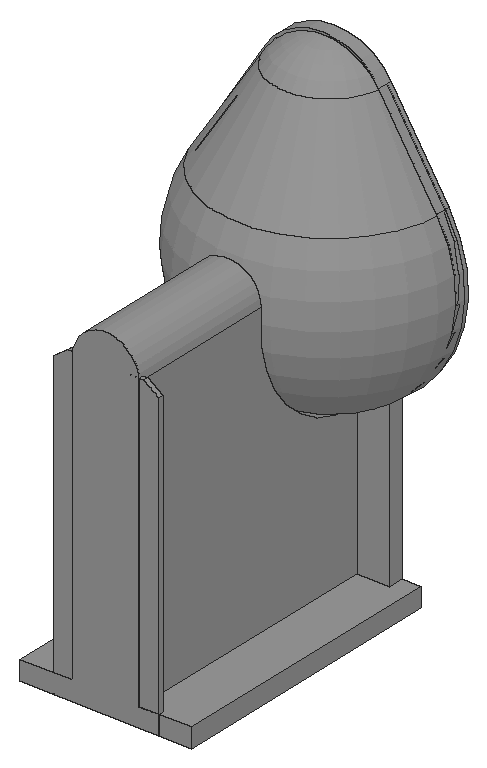
Revit family "Toilet-Willoughby-ETW-1490-FM-FA-TS", category Plumbing Fixtures, Revit 2015
Parameters (values of type "Standard")
  Waste DIA = 2 3/8"
  Waste Connection = yes
  W-RAD [instance] = Waste DIA / 2  # 0' - 1 3/16"
  Vent Connection = no
  URL = "https://www.willoughby-ind.com/wp-content/uploads/2018/01/ETW-1490-FM-FA.pdf"
  Type Comments = ""
  Revision = "A"
  Model = "ETW-1490-FM-FA-TS"
  Manufacturer = "Willoughby Industries"
  HW Connection = no
  Flush inlet DIA = 1 1/2"
  Flush Inlet Connection = yes
  Fixture Body = Stainless Steel AISI 304-Willoughby
  F-RAD [instance] = Flush inlet DIA / 2  # 0' - 0 3/4"
  Description = "Floor Mounted Blow Out Flush Toilet, Top Spud"
  Default Elevation = 0' - 0"
  Contact Number = "(800) 428-4065"
  CW Connection = no
Reference planes (in)
  plane 1 "Base": y = -16.25
  plane 2: z = 0
  plane 3 "Center": x = 18.31072
  plane 4 "Waste height": y = -4.75
  plane 5 "Seat HGT": y = -1.25
  plane 6: y = -2.125
  plane 7: x = 16.56072
  plane 8: x = 20.06072
  plane 9: x = 13.81072
  plane 10: x = 22.81072
  plane 11: z = 2.70924
  plane 12: z = -3
Forms (in)
  Extrusion 1, solid, material "Stainless Steel AISI 304-Willoughby" <- "Fixture Body"
    sketch origin (16.08109, 7.47968, -7.1422) x (-1, 0, 0) y (0, 0, -1)
      loop
        line (1.29775, -16.80087) -> (1.29775, -7.1422) -> (-5.72963, -7.1422) -> (-5.72963, -16.81676)
        arc (-5.72963, -16.81676) -> (-8.98136, -21.11843) -> (-8.21015, -26.45542) r 7
        line (-8.21015, -26.45542) -> (-5.16818, -31.31054)
        arc (-5.16818, -31.31054) -> (-2.20225, -32.95225) -> (0.76368, -31.31054) r 3.5
        line (0.76368, -31.31054) -> (3.80565, -26.45542)
        arc (3.80565, -26.45542) -> (4.5729, -21.10311) -> (1.29775, -16.80087) r 7
      loop
        arc (2.03989, -24.70557) -> (-2.20225, -18.23804) -> (-6.44438, -24.70557) r 4.625
        line (-6.44438, -24.70557) -> (-4.04125, -30.23842)
        arc (-4.04125, -30.23842) -> (-2.20225, -31.45225) -> (-0.36324, -30.23842) r 2
        line (-0.36324, -30.23842) -> (2.03989, -24.70557)
    from 8.72968 to 9.5
  Revolve 2, solid, material "Stainless Steel AISI 304-Willoughby" <- "Fixture Body"
    sketch origin (19.37981, -1.52032, -3.93365) x (-1, 0, 0) y (0, 0, -1)
      loop
        line (1.06174, -12.59906) -> (1.06174, -12.84906)
        arc (1.06174, -12.84906) -> (6.96784, -16.33096) -> (6.78077, -23.18447) r 6.75
        line (6.78077, -23.18447) -> (3.81535, -27.91457)
        arc (3.81535, -27.91457) -> (2.63527, -29.03194) -> (1.06174, -29.43826) r 3.25
        line (1.06174, -29.43826) -> (1.06174, -29.68826)
        arc (1.06174, -29.68826) -> (2.75672, -29.25045) -> (4.02767, -28.04656) r 3.5
        line (4.02767, -28.04656) -> (7.06964, -23.19143)
        arc (7.06964, -23.19143) -> (7.15052, -16.14555) -> (1.06174, -12.59906) r 7
      axis (1.06174, -12.59906) -> (1.06174, -29.68826)
    angle from 0 to -180
  Extrusion 3, solid, material "Stainless Steel AISI 304-Willoughby" <- "Fixture Body"
    sketch origin (19.53334, -3.02032, -4.9508) x (0, 1, 0) y (0, 0, 1)
      loop
        line (-5.27082, 4.9508) -> (1, 4.9508) -> (1, 13.80524)
        arc (1, 13.80524) -> (-3.15813, 15.45207) -> (-5.27082, 19.39398) r 6.50625
        line (-5.27082, 19.39398) -> (-5.27082, 4.9508)
    from 0.52738 to -2.97262
  Extrusion 4, solid, material "Stainless Steel AISI 304-Willoughby" <- "Fixture Body"
    sketch origin (0, 14.59309, 0) x (1, 0, 0) y (0, 1, 0)
      loop
        circle (18.31072, -19.34309) r 1.1875
    from 5.5 to -3
  Extrusion 5, solid, material "Stainless Steel AISI 304-Willoughby" <- "Fixture Body"
    sketch origin (0, 1.11185, 0) x (1, 0, 0) y (0, 0, 1)
      loop
        circle (18.31072, 2.70924) r 0.75
    from 2.36185 to 1.42435
  Extrusion 6, solid, material "Stainless Steel AISI 304-Willoughby" <- "Fixture Body"
    sketch origin (0, -16.25, 0) x (1, 0, 0) y (0, 0, 1)
      loop
        line (22.81072, 0) -> (22.81072, 1) -> (13.81072, 1) -> (13.81072, 0) -> (22.81072, 0)
    from -15 to 0
  Extrusion 7, solid, material "Stainless Steel AISI 304-Willoughby" <- "Fixture Body"
    sketch origin (0, -16.25, 0) x (1, 0, 0) y (0, 0, 1)
      loop
        line (20.06072, 0) -> (20.06072, 16.20703)
        arc (20.06072, 16.20703) -> (18.31072, 17.95703) -> (16.56072, 16.20703) r 1.75
        line (16.56072, 16.20703) -> (16.56072, 0) -> (20.06072, 0)
    from 0 to -7.95886
  Extrusion 8, solid, material "Stainless Steel AISI 304-Willoughby" <- "Fixture Body"
    sketch origin (18.33852, -16.25, 0) x (1, 0, 0) y (0, 0, 1)
      loop
        line (2.75, 0) -> (2.75, 15.84404) -> (1.97095, 16.433) -> (-2.02655, 16.433) -> (-2.75, 15.88607) -> (-2.75, 0) -> (2.75, 0)
    from 0 to -0.25
Cuts and joins
  joined: Extrusion 1, Extrusion 3, Extrusion 4, Extrusion 6, Extrusion 7
Lines and regions (in)
  symbolic lines
    curve 1: line (11.28334, -2.02032, 0) -> (11.28334, -1.25, 0)
    curve 2: line (11.28334, -1.25, 0) -> (25.28334, -1.25, 0)
    curve 3: line (25.28334, -1.25, 0) -> (25.28334, -2.02032, 0)
    curve 4: arc (25.28334, -2.02032, 0) -> (23.0776, -6.6446, 0) -> (18.31072, -8.52239, 0) r 6.98983
    curve 5: arc (18.31072, -8.52239, 0) -> (13.52369, -6.64758, 0) -> (11.28334, -2.02032, 0) r 7.04842
    curve 6: line (22.81072, -6.88104, 0) -> (22.81072, -16.25, 0)
    curve 7: line (22.81072, -16.25, 0) -> (13.81072, -16.25, 0)
    curve 8: line (13.81072, -16.25, 0) -> (13.81072, -6.89908, 0)
    curve 9: line (16.56072, -8.30173, 0) -> (16.56072, -16.25, 0)
    curve 10: line (20.06072, -8.29974, 0) -> (20.06072, -16.25, 0)
    curve 11: line (14.78334, -16.25, 9.65867) -> (14.78334, -16.25, 1)
    curve 12: line (14.78334, -16.25, 1) -> (13.81072, -16.25, 1)
    curve 13: line (13.81072, -16.25, 1) -> (13.81072, -16.25, 0)
    curve 14: line (13.81072, -16.25, 0) -> (22.81072, -16.25, 0)
    curve 15: line (22.81072, -16.25, 0) -> (22.81072, -16.25, 1)
    curve 16: line (22.81072, -16.25, 1) -> (21.81072, -16.25, 1)
    curve 17: line (21.81072, -16.25, 1) -> (21.81072, -16.25, 9.67456)
    curve 18: arc (21.81072, -16.25, 9.67456) -> (25.08799, -16.25, 13.93608) -> (24.32597, -16.25, 19.25778) r 6.9206
    curve 19: line (24.32597, -16.25, 19.25778) -> (21.24927, -16.25, 24.16835)
    curve 20: arc (21.24927, -16.25, 24.16835) -> (19.97832, -16.25, 25.37224) -> (18.28334, -16.25, 25.81005) r 3.5
    curve 21: arc (18.28334, -16.25, 25.81005) -> (16.58835, -16.25, 25.37224) -> (15.31741, -16.25, 24.16835) r 3.5
    curve 22: line (15.31741, -16.25, 24.16835) -> (12.35249, -16.25, 19.43905)
    curve 23: arc (12.35249, -16.25, 19.43905) -> (11.49002, -16.25, 14.03241) -> (14.78334, -16.25, 9.65867) r 7
    curve 29: line (18.31072, -8.4296, 16.67525) -> (18.31072, -16.25, 16.67525)
    curve 30: line (18.31072, -16.25, 16.67525) -> (18.31072, -16.25, 0)
    curve 31: line (18.31072, -16.25, 0) -> (18.31072, -1.25, 0)
    curve 32: line (18.31072, -1.25, 0) -> (18.31072, -1.25, 25.81005)
    curve 33: line (18.31072, -1.25, 25.81005) -> (18.31072, -2.02032, 25.81005)
    curve 34: arc (18.31072, -2.02032, 25.81005) -> (18.31072, -3.29152, 25.30605) -> (18.31072, -4.30177, 24.38445) r 3.79748
    curve 35: line (18.31072, -4.30177, 24.38445) -> (18.31072, -7.52822, 19.25778)
    curve 36: arc (18.31072, -7.52822, 19.25778) -> (18.31072, -8.12539, 18.01764) -> (18.31072, -8.4296, 16.67525) r 6.10578
    curve 37: arc (18.31072, -8.4296, 16.67525) -> (18.31072, -8.31403, 15.24489) -> (18.31072, -8.29114, 13.81005) r 22.19593
    curve 38: arc (18.31072, -8.29114, 13.81005) -> (18.31072, -5.95289, 10.31029) -> (18.31072, -2.02032, 8.81005) r 6.92744
    curve 39: line (18.31072, -1.25, 9.65867) -> (18.31072, -2.02032, 9.65867)
    curve 40: line (18.31072, -2.02032, 9.65867) -> (18.31072, -2.02032, 1)
    curve 41: line (18.31072, -2.02032, 1) -> (18.31072, -16.25, 1)
  symbolic lines, detail levels fine
    curve 24: arc (14.0412, -16.25, 17.56337) -> (18.28334, -16.25, 11.09585) -> (22.52547, -16.25, 17.56337) r 4.625
    curve 25: line (22.52547, -16.25, 17.56337) -> (20.12234, -16.25, 23.09622)
    curve 26: arc (20.12234, -16.25, 23.09622) -> (19.38317, -16.25, 23.97635) -> (18.28334, -16.25, 24.31005) r 2.01767
    curve 27: arc (18.28334, -16.25, 24.31005) -> (17.17969, -16.25, 23.98213) -> (16.44433, -16.25, 23.09622) r 1.9827
    curve 28: line (16.44433, -16.25, 23.09622) -> (14.0412, -16.25, 17.56337)
Dimensions and locks (in)
  locked: plane 1 "Base" to plane 4 "Waste height" at 11.5
  locked: plane 1 "Base" to plane 5 "Seat HGT" at 15
  plane 9 to plane 3 "Center" = 0' - 4 1/2"
  plane 9 to plane 10 = 0' - 9"
  "W-RAD": radius of Extrusion 4 sketch curve
  "F-RAD": radius of Extrusion 5 sketch curve
  aligned and locked: plane 3 "Center" to Extrusion 4 sketch curve
  aligned and locked: plane 4 "Waste height" to Extrusion 4 sketch curve
  aligned and locked: plane 3 "Center" to Extrusion 5 sketch curve
  aligned and locked: plane 11 to Extrusion 5 sketch curve
  aligned and locked: cut or joined group of Extrusion 1, Extrusion 3, Extrusion 4, Extrusion 6, Extrusion 7 to Extrusion 1  (x2)
  aligned and locked: Extrusion 1 to Revolve 2
Automatic sketch dimensions
  Extrusion 1 sketch curve to Extrusion 1 sketch curve = 0' - 0"  (x8)
  Extrusion 1 sketch curve to level = 0' - 0"
  plane 3 "Center" to Extrusion 1 sketch curve = 0' - 5.98052"
  Extrusion 1 sketch curve to Extrusion 1 sketch curve = 0' - 1.76576"  (x2)
  plane 3 "Center" to Extrusion 1 sketch curve = 0' - 3 1/2"
  plane 3 "Center" to Extrusion 1 sketch curve = 0' - 2.93855"
  Extrusion 1 sketch curve to Extrusion 1 sketch curve = 0' - 1.12693"  (x2)
  Extrusion 1 sketch curve to plane 3 "Center" = 0' - 0.02738"  (x2)
  Extrusion 1 sketch curve to plane 3 "Center" = 0' - 1.86639"
  Extrusion 1 sketch curve to plane 3 "Center" = 0' - 3.52738"
  Extrusion 1 sketch curve to plane 3 "Center" = 0' - 4 69/256"
  Extrusion 1 sketch curve to Extrusion 1 sketch curve = 0' - 9.65867"
  Extrusion 1 sketch curve to Extrusion 1 sketch curve = 0' - 0.01589"
  Extrusion 1 sketch curve to Extrusion 1 sketch curve = 0' - 6.06218"
  Extrusion 1 sketch curve to Extrusion 1 sketch curve = 0' - 1.74985"
  Extrusion 1 sketch curve to Extrusion 1 sketch curve = 0' - 4.74668"
  Extrusion 1 sketch curve to Extrusion 1 sketch curve = 0' - 0.78617"
  Extrusion 1 sketch curve to Extrusion 1 sketch curve = 0' - 1.07212"
  Revolve 2 sketch curve to Revolve 2 sketch curve = 0' - 0"  (x2)
  plane 3 "Center" to Revolve 2 sketch curve = 0' - 0.00736"  (x4)
  Revolve 2 sketch curve to plane 3 "Center" = 0' - 2.74625"
  Revolve 2 sketch curve to Revolve 2 sketch curve = 0' - 0.21232"
  Revolve 2 sketch curve to Revolve 2 sketch curve = 0' - 2.96542"
  Revolve 2 sketch curve to Revolve 2 sketch curve = 0' - 0.28887"
  level to Revolve 2 sketch curve = 2' - 1.75461"
  Revolve 2 sketch curve to Revolve 2 sketch curve = 0' - 0 1/4"
  Revolve 2 sketch curve to Revolve 2 sketch curve = 0' - 1.3917"
  Revolve 2 sketch curve to Revolve 2 sketch curve = 0' - 0.13199"
  Revolve 2 sketch curve to Revolve 2 sketch curve = 0' - 4.85513"
  Revolve 2 sketch curve to Revolve 2 sketch curve = 0' - 0.00696"
  Revolve 2 sketch curve to Revolve 2 sketch curve = 0' - 3 1/4"
  Revolve 2 sketch curve to Revolve 2 sketch curve = 0' - 3.3392"
  Revolve 2 sketch curve to Revolve 2 sketch curve = 0' - 2.4108"
  Extrusion 6 sketch curve to plane 9 = 0' - 0"
  Extrusion 6 sketch curve to plane 10 = 0' - 0"
  Extrusion 6 sketch curve to level = 0' - 0"
  level to Extrusion 6 sketch curve = 0' - 1"
  plane 5 "Seat HGT" to curve 1 = 0' - 0"
  curve 8 to plane 9 = 0' - 0"
  curve 9 to plane 7 = 0' - 0"
  curve 4 to plane 3 "Center" = 0' - 0"
  plane 1 "Base" to curve 10 = 0' - 0"
  curve 10 to plane 8 = 0' - 0"
  curve 6 to plane 10 = 0' - 0"
  curve 5 to plane 3 "Center" = 0' - 0"
  curve 5 to plane 3 "Center" = 0' - 0.00017"
  plane 6 to curve 3 = 0' - 0.10468"
  plane 10 to curve 3 = 0' - 2.47262"
  plane 6 to curve 1 = 0' - 0.10468"
  plane 5 "Seat HGT" to curve 4 = 0' - 0.28257"
  curve 5 to curve 10 = 0' - 0 57/256"
  curve 20 to curve 21 = 0' - 0"
  curve 23 to curve 24 = 0' - 0"  (x2)
  curve 14 to level = 0' - 0"
  curve 14 to plane 9 = 0' - 0"
  curve 15 to plane 10 = 0' - 0"
  curve 22 to plane 9 = 0' - 1.45823"
  curve 12 to curve 11 = 0' - 0.97262"
  curve 22 to plane 7 = 0' - 1.24331"
  curve 26 to plane 3 "Center" = 0' - 0.03902"
  curve 26 to curve 27 = 0' - 0.0002"
  curve 24 to plane 3 "Center" = 0' - 0.02738"
  curve 27 to curve 21 = 0' - 0.01144"
  plane 3 "Center" to curve 18 = 0' - 0.08339"
  plane 8 to curve 25 = 0' - 0.06162"
  plane 8 to curve 19 = 0' - 1.18855"
  curve 17 to plane 10 = 0' - 1"
  curve 25 to plane 10 = 0' - 0.28525"
  plane 10 to curve 19 = 0' - 1.51526"
  level to curve 12 = 0' - 1"
  level to curve 16 = 0' - 1"
  plane 11 to curve 11 = 0' - 6.94943"
  plane 11 to curve 17 = 0' - 6.96532"
  curve 17 to curve 18 = 0' - 6.01843"
  curve 18 to curve 24 = 0' - 0.02786"
  curve 25 to curve 18 = 0' - 1.6944"
  curve 25 to curve 26 = 0' - 4.72905"
  curve 26 to curve 20 = 0' - 0.01763"
  curve 21 to curve 27 = 0' - 0.01733"
  curve 21 to curve 25 = 0' - 0.78617"
  curve 25 to curve 19 = 0' - 1.07212"
  plane 9 to curve 24 = 0' - 0 59/256"
  curve 28 to plane 7 = 0' - 0.11639"
  curve 27 to curve 26 = 0' - 0"
  curve 30 to plane 1 "Base" = 0' - 0"
  curve 32 to plane 5 "Seat HGT" = 0' - 0"
  curve 32 to level = 0' - 0"
  plane 1 "Base" to curve 37 = 1' - 2.23409"
  plane 4 "Waste height" to curve 29 = 0' - 3.6796"
  curve 36 to curve 35 = 0' - 0.90137"
  curve 35 to plane 4 "Waste height" = 0' - 0.44823"
  curve 36 to plane 6 = 0' - 0.23566"
  plane 6 to curve 40 = 0' - 0.10468"
  plane 6 to curve 33 = 0' - 0.10468"
  plane 5 "Seat HGT" to curve 38 = 0' - 0.38413"
  plane 5 "Seat HGT" to curve 34 = 0' - 0.02916"
  plane 11 to curve 39 = 0' - 6.94943"
  plane 11 to curve 37 = 0' - 11.46429"
  curve 39 to curve 38 = 0' - 6.06805"
  curve 38 to curve 36 = 0' - 0.27887"
  curve 36 to curve 30 = 0' - 0.66967"
  curve 36 to curve 34 = 0' - 6.08002"
  curve 34 to curve 35 = 0' - 2.29884"
  curve 37 to curve 37 = 0' - 0.13846"
  level to curve 41 = 0' - 1"
  Extrusion 3 sketch curve to level = 0' - 0"
  plane 4 "Waste height" to Extrusion 3 sketch curve = 0' - 3.54114"
  plane 6 to Extrusion 3 sketch curve = 0' - 0.10468"
  plane 6 to Extrusion 3 sketch curve = 0' - 0.27542"
  plane 11 to Extrusion 3 sketch curve = 1' - 0.64921"
  Extrusion 3 sketch curve to Extrusion 3 sketch curve = 0' - 6.50401"
  plane 9 to Extrusion 8 sketch curve = 0' - 1.7778"
  Extrusion 8 sketch curve to Extrusion 8 sketch curve = 0' - 0.72345"
  plane 9 to Extrusion 8 sketch curve = 0' - 6.49875"
  Extrusion 8 sketch curve to Extrusion 8 sketch curve = 0' - 0.77905"
  Extrusion 8 sketch curve to plane 11 = 0' - 2.70924"
  Extrusion 8 sketch curve to Extrusion 8 sketch curve = 1' - 3.84404"
  Extrusion 8 sketch curve to Extrusion 8 sketch curve = 0' - 0.04204"
  Extrusion 8 sketch curve to Extrusion 8 sketch curve = 0' - 0.58896"
  Extrusion 7 sketch curve to plane 7 = 0' - 0"
  Extrusion 7 sketch curve to plane 3 "Center" = 0' - 0"
  plane 11 to Extrusion 7 sketch curve = 1' - 1.49779"
  Extrusion 7 sketch curve to level = 0' - 0"
Connectors (in)
  piping at (18.31072, -4.75, -3), diameter 2.375, driven by "W-RAD", driven by "Waste Connection"
    settings: on Extrusion 4, index 1, connector inside diameter 2 1/2", connector length 0' - 0", flow factor 0, pipe flow 0 GPM, pressure drop 0.00 psi, fitting loss kfactor 0, connector angle 0.00°, fixture units 0, engagement length 0' - 0", angle of deflection 0.00°, flow configuration 0, flow direction 2, fitting loss method 0, system type 16, joint type 0, gender type 0, connector reference index -1, connector utility 1, adjustable connector yes, is connector primary yes, connector description "Toilet Waste"
  piping at (18.31072, -0.3125, 2.70924), diameter 1.5, driven by "F-RAD", driven by "Flush Inlet Connection"
    settings: on Extrusion 5, index 2, connector inside diameter 1 1/2", connector length 0' - 0", flow factor 0, pipe flow 0 GPM, pressure drop 0.00 psi, fitting loss kfactor 0, connector angle 0.00°, fixture units 0, engagement length 0' - 0", angle of deflection 0.00°, flow configuration 0, flow direction 1, fitting loss method 0, system type 20, joint type 0, gender type 0, connector reference index -1, connector utility 1, adjustable connector no, is connector primary no, connector description "Flush Inlet"
